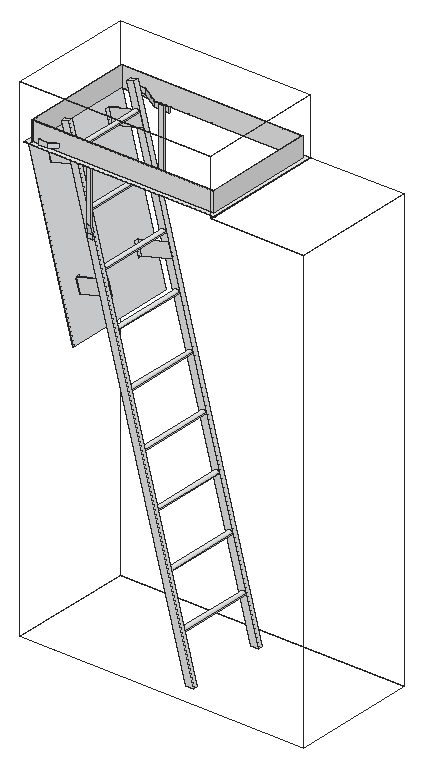
Revit family "Ladder_FoldDown_KattsafeUSA_Commercial", category Specialty Equipment, Revit 2026
Family settings
  Round Connector Dimension = Use Diameter
  Part Type = Normal
  Classification Number = 23.17.23.15
  Work Plane-Based = No
  Enable Cutting in Views = No
  Always vertical = Yes
  Cut with Voids When Loaded = Yes
  Maintain Annotation Orientation = No
  Shared = No
  Room Calculation Point = No
Parameters (values of type "RL62")
  Uniclass2015Version = "Products v1.35"
  Uniclass2015Title = "Access ladders"
  Uniclass2015Code = "Pr_25_30_85_02"
  URL = "https://kattsafe.com"
  Type IFC Predefined Type = "USERDEFINED"
  Type Comments = "Ladder - Commercial - Fold Down"
  SafetyDisclaimer [instance] = "WARNING! The correct placement of access, fall protection and facade maintenance systems is critical to ensure it is fit-for-purpose and safe for the operator to use. Did you know Kattsafe® have a dedicated team of Height Safety System Design Specialists? Kattsafe® provide one-on-one consultation and system design assistance to ensure you are meeting the stringent requirements of height safety and to give you PEACE OF MIND with your project."  # constant formula
  RungWidth [instance] = 1' - 8.66929"  # constant formula
  RungSpacing [instance] = 0' - 11.81102"  # constant formula
  RequiredSpace [instance] = yes
  ModifiedIssue = 20250703
  IfcExportType = "USERDEFINED"
  IfcExportAs = "IfcBuildingElementProxy"
  Export Type to IFC As = "IfcBuildingElementProxy"
  ElementType = "Ladder"
  LadderOpen [instance] = not(LadderClosed)  # yes
  Model = "RL62"
  Material = Aluminum_Kattsafe_Satin
  ManufacturerOverallWidth = 4' - 3"  # constant formula
  ManufacturerURLProductSpecific = "https://kattsafe.com/products/fixed-ladders/fold-down-ladder-rl60?variant=rl62"
  ManufacturerSpecCode = Model  # "RL62"
  ManufacturerOverallHeight [instance] = ActualFloorToCeilingHeight  # 9' - 10.11024"
  ManufacturerOverallDepth = 2' - 9 1/2"  # constant formula
  Manufacturer = "Kattsafe®"  # constant formula
  Keynote = ""
  Description = "The RL62 model is perfect for reaching heights between 7 and 10 ft. This small-but-mighty ladder installs easily and provides 1 ¼-inch serrated rungs that we’ve robotically welded to the stiles. Plus, it folds up into a compact 33 ½-inch by 51-inch opening, giving you additional floor space."
  Default Elevation = 0' - 0"
  CreatedBy = "IGS BIM Solutions"  # constant formula
  CreatedByURL = "https://igsgroup.com.au"
  LadderClosed [instance] = no
  CeilingThickness [instance] = 0' - 2.95276"
  LadderOffset [instance] = 0' 10.49213" + (ManufacturerOverallHeight / tan(75.00°))  # 3' - 6.13967"
  DesiredFloorToCeilingHeight [instance] = 9' - 10.11024"
  Assembly Code = "E1090100"
  ArrayCount [instance] = (ManufacturerOverallHeight - 0' 11.81102") / RungSpacing  # 9
  ActualFloorToCeilingHeight [instance] = if(DesiredFloorToCeilingHeight < 7' 0", 7' 0", if(DesiredFloorToCeilingHeight > 10' 0", 10' 0", DesiredFloorToCeilingHeight))  # 9' - 10.11024"
Reference planes (in)
  plane 1 "Back": y = -14.74606
  plane 2 "Ref. Level": z = 0
  plane 3 "Center (Left/Right)": x = -16.03543
  plane 4 "TopReference": z = 118.11024
  plane 5 "BottomReference": z = 0
  plane 6 "Front": y = -48.24606
  plane 7 "Center (Front/Back)": y = -31.49606
  plane 8 "Left": x = -41.53543
  plane 9 "Right": x = 9.46457
  plane 10 "Ladder Reference": x = 0.60424
  plane 11 "Ladder Offset 2": y = -21.16142
  plane 12 "Ladder Offset 1": y = -41.83071
  plane 13 "BottomRung": z = 11.81102
  plane 14 "Trade Reference": x = -3.52962
  plane 15 "Back Offset": y = -16.04528
  plane 16 "Front Offset": y = -46.94685
  plane 17 "Top of Ceiling": z = 121.06299
  plane 18 "Top of Frame": z = 123.34646
  plane 19 "ClearanceFoldingLadder": x = 34.44882
  plane 20 "ClearanceTop": z = 133.07087
  plane 21 "Center (Elevation)": z = 59.05512
  plane 22 "Top": z = 118.11024
Forms (in)
  Sweep 1, solid, material "Aluminum_Kattsafe_Satin" <- "Material"
    path origin (0, 0, 118.11024) x (-1, 0, 0) y (0, -1, 0)
      loop
        line (-8.28346, 15.92717) -> (40.35433, 15.92717) -> (40.35433, 45.76772) -> (-8.28346, 45.76772) -> (-8.28346, 15.92717)
    profile origin (-16.03543, -15.92717, 118.11024) x (0, -1, 0) y (0, 0, 1)
      loop
        line (-1.1811, 0) -> (-1.1811, -0.11811) -> (0.11811, -0.11811) -> (0.11811, 5.23622) -> (0, 5.23622) -> (0, 0) -> (-1.1811, 0)
  Extrusion 2, solid, material "Aluminum_Kattsafe_Satin" <- "Material", visible <- "LadderOpen"
    sketch origin (-62.21717, -41.83071, 157.48031) x (-1, 0, 0) y (0, 0, -1)
      loop
        line (-62.8214, 157.48031) -> (-31.17532, 39.37008) -> (-29.13738, 39.37008) -> (-60.78346, 157.48031) -> (-62.8214, 157.48031)
    from 0 to 1.1811
  Extrusion 3, solid, material "Aluminum_Kattsafe_Satin" <- "Material", visible <- "LadderOpen"
    sketch origin (-62.21717, -21.16142, 157.48031) x (-1, 0, 0) y (0, 0, 1)
      loop
        line (-62.8214, -157.48031) -> (-60.78346, -157.48031) -> (-29.13738, -39.37008) -> (-31.17532, -39.37008) -> (-62.8214, -157.48031)
    from 0 to 1.1811
  Extrusion 4, solid, material "Aluminum_Kattsafe_Satin" <- "Material", visible <- "LadderOpen"
    sketch origin (0.60424, -31.49606, 0) x (-0.258808, 0, 0.965929) y (-0.965929, 0, -0.258808)
      loop
        line (78.62348, 8.87709) -> (124.68647, 8.87709) -> (124.68647, 8.99516) -> (78.62348, 8.99516) -> (78.62348, 8.87709)
    from -15.45079 to 15.45079
  Extrusion 5, solid, material "Aluminum_Kattsafe_Satin" <- "Material", visible <- "LadderOpen", detail levels medium+fine
    sketch origin (0.60424, -31.49606, 0) x (-0.258808, 0, 0.965929) y (-0.965929, 0, -0.258808)
      loop
        line (92.403, 8.87709) -> (88.466, 8.87709) -> (88.466, 0) -> (92.403, 0) -> (92.403, 8.87709)
      loop
        line (122.27634, 8.87709) -> (118.33933, 8.87709) -> (118.33933, 0) -> (122.27634, 0) -> (122.27634, 8.87709)
    from 10.21654 to 10.33465
  Extrusion 6, solid, material "Aluminum_Kattsafe_Satin" <- "Material", visible <- "LadderOpen", detail levels medium+fine
    sketch origin (0.60424, -31.49606, 0) x (-0.258808, 0, 0.965929) y (-0.965929, 0, -0.258808)
      loop
        line (92.403, 8.87709) -> (88.466, 8.87709) -> (88.466, 0) -> (92.403, 0) -> (92.403, 8.87709)
      loop
        line (122.27634, 8.87709) -> (118.33933, 8.87709) -> (118.33933, 0) -> (122.27634, 0) -> (122.27634, 8.87709)
    from -10.33465 to -10.21654
  Extrusion 7, solid, material "Aluminum_Kattsafe_Satin" <- "Material", visible <- "LadderOpen", detail levels medium+fine
    sketch origin (0.60424, -31.49606, 0) x (-0.258808, 0, 0.965929) y (-0.965929, 0, -0.258808)
      loop
        line (88.466, 8.87709) -> (88.466, 8.75898) -> (92.403, 8.75898) -> (92.403, 8.87709) -> (88.466, 8.87709)
      loop
        line (118.33933, 8.87709) -> (118.33933, 8.75898) -> (122.27634, 8.75898) -> (122.27634, 8.87709) -> (118.33933, 8.87709)
    from 9.35039 to 10.33465
  Extrusion 8, solid, material "Aluminum_Kattsafe_Satin" <- "Material", visible <- "LadderOpen", detail levels medium+fine
    sketch origin (0.60424, -31.49606, 0) x (-0.258808, 0, 0.965929) y (-0.965929, 0, -0.258808)
      loop
        line (88.466, 8.87709) -> (88.466, 8.75898) -> (92.403, 8.75898) -> (92.403, 8.87709) -> (88.466, 8.87709)
      loop
        line (118.33933, 8.87709) -> (118.33933, 8.75898) -> (122.27634, 8.75898) -> (122.27634, 8.87709) -> (118.33933, 8.87709)
    from -10.33465 to -9.35039
  Extrusion 9, solid, material "Aluminum_Kattsafe_Satin" <- "Material", visible <- "LadderOpen", detail levels fine
    sketch origin (-41.53543, 0, 0) x (0, 1, 0) y (0, 0, 1)
      loop
        line (-43.12992, 98.4252) -> (-43.01181, 98.4252) -> (-43.01181, 99.6063) -> (-43.60236, 102.05515) -> (-43.60236, 120.07874) -> (-43.72047, 120.07874) -> (-43.72047, 102.0396) -> (-43.12992, 99.59075) -> (-43.12992, 98.4252)
      loop
        line (-19.8622, 98.4252) -> (-19.8622, 99.59075) -> (-19.27165, 102.0396) -> (-19.27165, 120.07874) -> (-19.38976, 120.07874) -> (-19.38976, 102.05515) -> (-19.98031, 99.6063) -> (-19.98031, 98.4252) -> (-19.8622, 98.4252)
    from 14.08008 to 15.37421
  Extrusion 10, solid, material "Aluminum_Kattsafe_Satin" <- "Material", visible <- "LadderOpen", detail levels fine
    sketch origin (0, 0, 118.11024) x (-1, 0, 0) y (0, -1, 0)
      loop
        line (37.59843, 46.94685) -> (35.24955, 46.94685) -> (30.03174, 43.83858) -> (26.16122, 43.83858) -> (26.16122, 43.72047) -> (30.06426, 43.72047) -> (35.28207, 46.82874) -> (37.59843, 46.82874) -> (37.59843, 46.94685)
      loop
        line (36.31102, 16.04528) -> (36.31102, 16.16339) -> (33.99467, 16.16339) -> (28.77685, 19.27165) -> (24.87382, 19.27165) -> (24.87382, 19.15354) -> (28.74434, 19.15354) -> (33.96215, 16.04528) -> (36.31102, 16.04528)
    from 0.66929 to 1.9685
  Extrusion 11, solid, material "Aluminum_Kattsafe_Satin" <- "Material", visible <- "LadderOpen"
    sketch origin (-62.21717, -41.83071, 157.48031) x (-1, 0, 0) y (0, 0, -1)
      loop
        line (-31.17532, 39.37008) -> (-29.48169, 33.04905) -> (-27.58025, 33.55851) -> (-29.13738, 39.37008) -> (-31.17532, 39.37008)
    from 0 to 1.1811
  Extrusion 12, solid, material "Aluminum_Kattsafe_Satin" <- "Material", visible <- "LadderOpen"
    sketch origin (-62.21717, -21.16142, 157.48031) x (-1, 0, 0) y (0, 0, 1)
      loop
        line (-31.17532, -39.37008) -> (-29.13738, -39.37008) -> (-27.58025, -33.55851) -> (-29.48169, -33.04905) -> (-31.17532, -39.37008)
    from 0 to 1.1811
  Extrusion 13, solid, material "Aluminum_Kattsafe_Satin" <- "Material", visible <- "LadderClosed", detail levels medium+fine
    sketch origin (0, 0, 118.11024) x (-1, 0, 0) y (0, -1, 0)
      loop
        line (40.23622, 16.04528) -> (40.23622, 46.94685) -> (-8.16535, 46.94685) -> (-8.16535, 16.04528) -> (40.23622, 16.04528)
    from -0.11811 to 0
  Extrusion 14, solid, material "Aluminum_Kattsafe_Satin" <- "Material", visible <- "LadderClosed"
    sketch origin (0, 0, 118.11024) x (-1, 0, 0) y (0, -1, 0)
      loop
        line (39.61649, 21.16142) -> (-7.5748, 21.16142) -> (-7.5748, 19.98031) -> (39.61649, 19.98031) -> (39.61649, 21.16142)
    from 11.61417 to 13.58268
  Extrusion 15, solid, material "Aluminum_Kattsafe_Satin" <- "Material", visible <- "LadderClosed"
    sketch origin (0, 0, 118.11024) x (-1, 0, 0) y (0, -1, 0)
      loop
        line (39.61649, 21.16142) -> (-7.5748, 21.16142) -> (-7.5748, 19.98031) -> (39.61649, 19.98031) -> (39.61649, 21.16142)
    from 9.25197 to 11.22047
  Extrusion 16, solid, material "Aluminum_Kattsafe_Satin" <- "Material", visible <- "LadderClosed"
    sketch origin (0, 0, 118.11024) x (-1, 0, 0) y (0, -1, 0)
      loop
        line (39.61649, 21.16142) -> (-7.5748, 21.16142) -> (-7.5748, 19.98031) -> (39.61649, 19.98031) -> (39.61649, 21.16142)
    from 6.88976 to 8.85827
  Extrusion 17, solid, material "Aluminum_Kattsafe_Satin" <- "Material", visible <- "LadderClosed"
    sketch origin (0, -62.99213, 118.11024) x (-1, 0, 0) y (0, -1, 0)
      loop
        line (39.61649, -21.16142) -> (39.61649, -19.98031) -> (-7.5748, -19.98031) -> (-7.5748, -21.16142) -> (39.61649, -21.16142)
    from 11.61417 to 13.58268
  Extrusion 18, solid, material "Aluminum_Kattsafe_Satin" <- "Material", visible <- "LadderClosed"
    sketch origin (0, -62.99213, 118.11024) x (-1, 0, 0) y (0, -1, 0)
      loop
        line (39.61649, -21.16142) -> (39.61649, -19.98031) -> (-7.5748, -19.98031) -> (-7.5748, -21.16142) -> (39.61649, -21.16142)
    from 9.25197 to 11.22047
  Extrusion 19, solid, material "Aluminum_Kattsafe_Satin" <- "Material", visible <- "LadderClosed"
    sketch origin (0, -62.99213, 118.11024) x (-1, 0, 0) y (0, -1, 0)
      loop
        line (39.61649, -21.16142) -> (39.61649, -19.98031) -> (-7.5748, -19.98031) -> (-7.5748, -21.16142) -> (39.61649, -21.16142)
    from 6.88976 to 8.85827
  Extrusion 20, solid, material "Aluminum_Kattsafe_Satin" <- "Material", visible <- "LadderClosed"
    sketch origin (0, -31.49606, 0) x (1, 0, 0) y (0, 0, 1)
      loop
        line (-16.03543, 126.5748) -> (-16.22724, 126.5748)
        arc (-16.22724, 126.5748) -> (-16.81779, 125.98425) -> (-16.22724, 125.3937) r 0.59055
        line (-16.22724, 125.3937) -> (-16.03543, 125.3937) -> (-16.03543, 126.5748)
      loop
        line (-27.84646, 126.5748) -> (-28.03826, 126.5748)
        arc (-28.03826, 126.5748) -> (-28.62882, 125.98425) -> (-28.03826, 125.3937) r 0.59055
        line (-28.03826, 125.3937) -> (-27.84646, 125.3937) -> (-27.84646, 126.5748)
      loop
        line (-16.03543, 128.93701) -> (-16.22724, 128.93701)
        arc (-16.22724, 128.93701) -> (-16.81779, 128.34646) -> (-16.22724, 127.75591) r 0.59055
        line (-16.22724, 127.75591) -> (-16.03543, 127.75591) -> (-16.03543, 128.93701)
      loop
        line (-27.84646, 128.93701) -> (-28.03826, 128.93701)
        arc (-28.03826, 128.93701) -> (-28.62882, 128.34646) -> (-28.03826, 127.75591) r 0.59055
        line (-28.03826, 127.75591) -> (-27.84646, 127.75591) -> (-27.84646, 128.93701)
      loop
        line (-16.03543, 131.29921) -> (-16.22724, 131.29921)
        arc (-16.22724, 131.29921) -> (-16.81779, 130.70866) -> (-16.22724, 130.11811) r 0.59055
        line (-16.22724, 130.11811) -> (-16.03543, 130.11811) -> (-16.03543, 131.29921)
      loop
        line (-27.84646, 131.29921) -> (-28.03826, 131.29921)
        arc (-28.03826, 131.29921) -> (-28.62882, 130.70866) -> (-28.03826, 130.11811) r 0.59055
        line (-28.03826, 130.11811) -> (-27.84646, 130.11811) -> (-27.84646, 131.29921)
      loop
        line (-5.51181, 126.5748) -> (-5.70362, 126.5748)
        arc (-5.70362, 126.5748) -> (-6.29417, 125.98425) -> (-5.70362, 125.3937) r 0.59055
        line (-5.70362, 125.3937) -> (-5.51181, 125.3937) -> (-5.51181, 126.5748)
      loop
        line (-5.51181, 128.93701) -> (-5.70362, 128.93701)
        arc (-5.70362, 128.93701) -> (-6.29417, 128.34646) -> (-5.70362, 127.75591) r 0.59055
        line (-5.70362, 127.75591) -> (-5.51181, 127.75591) -> (-5.51181, 128.93701)
      loop
        line (-5.51181, 131.29921) -> (-5.70362, 131.29921)
        arc (-5.70362, 131.29921) -> (-6.29417, 130.70866) -> (-5.70362, 130.11811) r 0.59055
        line (-5.70362, 130.11811) -> (-5.51181, 130.11811) -> (-5.51181, 131.29921)
    from -10.33465 to 10.33465
  Extrusion 21, solid, material "Aluminum_Kattsafe_Satin" <- "Material", visible <- "LadderClosed", detail levels medium+fine
    sketch origin (-41.53543, 0, 0) x (0, 1, 0) y (0, 0, 1)
      loop
        line (-21.16142, 126.9685) -> (-21.27953, 126.9685) -> (-21.27953, 118.22835) -> (-22.14567, 118.22835) -> (-22.14567, 118.11024) -> (-21.16142, 118.11024) -> (-21.16142, 126.9685)
      loop
        line (-41.83071, 126.9685) -> (-41.83071, 118.11024) -> (-40.84646, 118.11024) -> (-40.84646, 118.22835) -> (-41.7126, 118.22835) -> (-41.7126, 126.9685) -> (-41.83071, 126.9685)
    from 3.58268 to 7.51969
  Extrusion 22, solid, material "Aluminum_Kattsafe_Satin" <- "Material", visible <- "LadderClosed", detail levels medium+fine
    sketch origin (-41.53543, 0, 0) x (0, 1, 0) y (0, 0, 1)
      loop
        line (-21.16142, 126.9685) -> (-21.27953, 126.9685) -> (-21.27953, 118.22835) -> (-22.14567, 118.22835) -> (-22.14567, 118.11024) -> (-21.16142, 118.11024) -> (-21.16142, 126.9685)
      loop
        line (-41.83071, 126.9685) -> (-41.83071, 118.11024) -> (-40.84646, 118.11024) -> (-40.84646, 118.22835) -> (-41.7126, 118.22835) -> (-41.7126, 126.9685) -> (-41.83071, 126.9685)
    from 30.90405 to 34.84106
  Extrusion 23, solid, material "Aluminum_Kattsafe_Satin" <- "Material", visible <- "LadderClosed", detail levels fine
    sketch origin (-41.53543, 0, 0) x (0, 1, 0) y (0, 0, 1)
      loop
        line (-16.04528, 118.77953) -> (-16.04528, 121.09589) -> (-19.15354, 126.3137) -> (-19.15354, 130.21673) -> (-19.27165, 130.21673) -> (-19.27165, 126.3137) -> (-16.16339, 121.09589) -> (-16.16339, 118.77953) -> (-16.04528, 118.77953)
      loop
        line (-46.94685, 118.77953) -> (-46.82874, 118.77953) -> (-46.82874, 121.09589) -> (-45.05709, 126.3137) -> (-45.05709, 130.21673) -> (-45.1752, 130.21673) -> (-45.1752, 126.3137) -> (-46.94685, 121.09589) -> (-46.94685, 118.77953)
    from 3.93701 to 5.23622
  Extrusion 24, solid, material "Aluminum_Kattsafe_Satin" <- "Material", visible <- "LadderClosed", detail levels fine
    sketch origin (0, 0, 118.11024) x (-1, 0, 0) y (0, -1, 0)
      loop
        line (14.65748, 19.8622) -> (15.82303, 19.8622) -> (18.27189, 19.27165) -> (37.59843, 19.27165) -> (37.59843, 19.38976) -> (18.28743, 19.38976) -> (15.83858, 19.98031) -> (14.65748, 19.98031) -> (14.65748, 19.8622)
      loop
        line (14.65748, 43.12992) -> (14.65748, 43.01181) -> (15.83858, 43.01181) -> (18.28743, 43.60236) -> (37.59843, 43.60236) -> (37.59843, 43.72047) -> (18.27189, 43.72047) -> (15.82303, 43.12992) -> (14.65748, 43.12992)
    from 10.80728 to 12.10649
  Extrusion 25, solid, material "RequiredSpace_Kattsafe", visible <- "RequiredSpace"
    sketch origin (0, -31.49606, 0) x (1, 0, 0) y (0, 0, 1)
      loop
        line (-41.53543, 133.07087) -> (-41.53543, 0) -> (34.44882, 0) -> (34.44882, 118.11024) -> (9.46457, 118.11024) -> (9.46457, 133.07087) -> (-41.53543, 133.07087)
    from -16.75 to 16.75
  Extrusion 26, void
    sketch origin (0, -31.49606, 0) x (1, 0, 0) y (0, 0, 1)
      loop
        line (-40.35433, 123.34646) -> (-40.35433, 118.11024) -> (8.28346, 118.11024) -> (8.28346, 123.34646) -> (-40.35433, 123.34646)
    from -15.5689 to 14.27165
Cuts and joins
  joined: Extrusion 6, Extrusion 8
  joined: Extrusion 5, Extrusion 7
  joined: Extrusion 2, Extrusion 11
  joined: Extrusion 3, Extrusion 12
Lines and regions (in)
  Masking region 1, visible <- "LadderClosed"
    outline origin (0, 0, 118.11024) x (-1, 0, 0) y (0, -1, 0)
      loop
        line (-9.46457, 14.74606) -> (41.53543, 14.74606) -> (41.53543, 48.24606) -> (-9.46457, 48.24606) -> (-9.46457, 14.74606)
  Masking region 2, visible <- "LadderOpen"
    outline origin (0, 0, 118.11024) x (-1, 0, 0) y (0, -1, 0)
      loop
        line (41.53543, 14.74606) -> (41.53543, 48.24606) -> (-9.46457, 48.24606) -> (-9.46457, 14.74606) -> (41.53543, 14.74606)
      loop
        line (40.23622, 16.04528) -> (40.23622, 45.64961) -> (-8.16535, 45.64961) -> (-8.16535, 16.04528) -> (40.23622, 16.04528)
  Masking region 3, visible <- "LadderOpen"
    outline origin (0, 0, 118.11024) x (-1, 0, 0) y (0, -1, 0)
      loop
        line (34.63691, 19.98031) -> (34.63691, 21.16142) -> (-0.60424, 21.16142) -> (-0.60424, 19.98031) -> (34.63691, 19.98031)
      loop
        line (34.63691, 41.83071) -> (34.63691, 43.01181) -> (-0.60424, 43.01181) -> (-0.60424, 41.83071) -> (34.63691, 41.83071)
  Masking region 4, visible <- "LadderOpen"
    outline origin (0, 0, 59.05512) x (-1, 0, 0) y (0, -1, 0)
      loop
        line (40.23622, 16.04528) -> (40.23622, 45.64961) -> (28.31878, 45.64961) -> (28.31878, 16.04528) -> (40.23622, 16.04528)
  reference lines
    curve 1: line (0.60424, -31.49606, 0) -> (-31.04184, -31.49606, 118.11024)
  symbolic lines, visible <- "LadderClosed"
    curve 2: line (-40.23622, -16.04528, 118.11024) -> (8.16535, -16.04528, 118.11024)
    curve 3: line (8.16535, -16.04528, 118.11024) -> (8.16535, -46.94685, 118.11024)
    curve 4: line (8.16535, -46.94685, 118.11024) -> (-40.23622, -46.94685, 118.11024)
    curve 5: line (-40.23622, -46.94685, 118.11024) -> (-40.23622, -16.04528, 118.11024)
  symbolic lines
    curve 6: line (8.28346, -15.92717, 118.11024) -> (-40.35433, -15.92717, 118.11024)
    curve 7: line (-40.35433, -15.92717, 118.11024) -> (-40.35433, -45.76772, 118.11024)
    curve 8: line (8.28346, -45.76772, 118.11024) -> (8.28346, -15.92717, 118.11024)
    curve 9: line (-40.35433, -45.76772, 118.11024) -> (8.28346, -45.76772, 118.11024)
  symbolic lines, style "Required Space", visible <- "RequiredSpace"
    curve 10: line (-41.53543, -14.74606, 118.11024) -> (34.44882, -14.74606, 118.11024)
    curve 11: line (-41.53543, -48.24606, 118.11024) -> (-41.53543, -14.74606, 118.11024)
    curve 12: line (34.44882, -48.24606, 118.11024) -> (-41.53543, -48.24606, 118.11024)
    curve 13: line (34.44882, -14.74606, 118.11024) -> (34.44882, -48.24606, 118.11024)
  symbolic lines, style "Required Space", visible <- "RequiredSpace", detail levels medium+fine
    curve 14: line (-16.03543, -14.74606, 133.07087) -> (-16.03543, -48.24606, 133.07087)
    curve 15: line (-16.03543, -14.74606, 0) -> (-16.03543, -14.74606, 133.07087)
    curve 16: line (-16.03543, -48.24606, 0) -> (-16.03543, -14.74606, 0)
    curve 17: line (-16.03543, -48.24606, 133.07087) -> (-16.03543, -48.24606, 0)
    curve 18: line (-41.53543, -31.49606, 0) -> (-41.53543, -31.49606, 133.07087)
    curve 19: line (-41.53543, -31.49606, 133.07087) -> (9.46457, -31.49606, 133.07087)
    curve 20: line (9.46457, -31.49606, 133.07087) -> (9.46457, -31.49606, 118.11024)
    curve 21: line (9.46457, -31.49606, 118.11024) -> (34.44882, -31.49606, 118.11024)
    curve 22: line (34.44882, -31.49606, 118.11024) -> (34.44882, -31.49606, 0)
    curve 23: line (34.44882, -31.49606, 0) -> (-41.53543, -31.49606, 0)
  symbolic lines, built-in parameter 1006206 <- "LadderClosed", visible <- "LadderClosed", detail levels medium+fine
    curve 24: line (-39.61649, -19.98031, 118.11024) -> (7.5748, -19.98031, 118.11024)
    curve 25: line (-39.61649, -21.16142, 118.11024) -> (-39.61649, -19.98031, 118.11024)
    curve 26: line (7.5748, -21.16142, 118.11024) -> (-39.61649, -21.16142, 118.11024)
    curve 27: line (7.5748, -19.98031, 118.11024) -> (7.5748, -21.16142, 118.11024)
    curve 28: line (-39.61649, -41.83071, 118.11024) -> (7.5748, -41.83071, 118.11024)
    curve 29: line (-39.61649, -43.01181, 118.11024) -> (-39.61649, -41.83071, 118.11024)
    curve 30: line (7.5748, -43.01181, 118.11024) -> (-39.61649, -43.01181, 118.11024)
    curve 31: line (7.5748, -41.83071, 118.11024) -> (7.5748, -43.01181, 118.11024)
  symbolic lines, visible <- "LadderClosed", detail levels medium+fine
    curve 32: line (-29.13386, -21.16142, 118.11024) -> (-29.13386, -41.83071, 118.11024)
    curve 33: line (-29.92126, -21.16142, 118.11024) -> (-29.92126, -41.83071, 118.11024)
    curve 34: line (-16.03543, -21.16142, 118.11024) -> (-16.03543, -41.83071, 118.11024)
    curve 35: line (-16.82283, -21.16142, 118.11024) -> (-16.82283, -41.83071, 118.11024)
    curve 36: line (-5.51181, -21.16142, 118.11024) -> (-5.51181, -41.83071, 118.11024)
    curve 37: line (-6.29921, -21.16142, 118.11024) -> (-6.29921, -41.83071, 118.11024)
  symbolic lines, visible <- "LadderOpen", detail levels medium+fine
    curve 38: line (-32.73547, -21.16142, 118.11024) -> (-32.73547, -19.98031, 118.11024)
    curve 39: line (-32.73547, -43.01181, 118.11024) -> (-32.73547, -41.83071, 118.11024)
Text (in)
  text "Disclaimer:\nDue to ongoing product development and manufacturing \nevolution, product details are subject to change without \nnotice. Please refer to product technical data sheets on \nthe manufacturers website for the most current product \ninformation. Please allow a +/- 5mm manufacturing \ntolerance for dimensions and set-outs shown in product \nliterature." at (54.73189, -17.91428, 0), in view "Ref. Level_Instruction"
Dimensions and locks (in)
  "ManufacturerOverallWidth": plane 8 "Left" to plane 9 "Right"
  equal spacing: plane 6 "Front", plane 7 "Center (Front/Back)", plane 1 "Back"
  "ManufacturerOverallDepth": plane 6 "Front" to plane 1 "Back"
  equal spacing: plane 8 "Left", plane 3 "Center (Left/Right)", plane 9 "Right"
  "ManufacturerOverallHeight": plane 4 "TopReference" to plane 5 "BottomReference"
  equal spacing: plane 11 "Ladder Offset 2", plane 7 "Center (Front/Back)", plane 12 "Ladder Offset 1"
  "RungWidth": plane 11 "Ladder Offset 2" to plane 12 "Ladder Offset 1"
  "LadderOffset": plane 8 "Left" to plane 10 "Ladder Reference"
  locked: plane 13 "BottomRung" to plane 5 "BottomReference" at 11.81102
  equal spacing: group 2, group 9, group 8, group 7, group 6, group 5, group 4, group 3, group 1
  equal spacing: group 1, group 3, group 4, group 5, group 6, group 7, group 8, group 9, group 2  (x2)
  plane 11 "Ladder Offset 2" to Extrusion 6 to Extrusion 8 = 0' - 0.11811" locked, 0' - 0.86614" locked
  plane 12 "Ladder Offset 1" to Extrusion 5 to Extrusion 7 = 0' - 0.11811" locked, 0' - 0.86614" locked
  locked: plane 14 "Trade Reference" to plane 10 "Ladder Reference" at 4.13386
  locked: plane 15 "Back Offset" to plane 1 "Back" at 1.29921
  locked: plane 6 "Front" to plane 16 "Front Offset" at 1.29921
  locked: plane 18 "Top of Frame" to plane 17 "Top of Ceiling" at 2.28346
  "CeilingThickness": plane 17 "Top of Ceiling" to plane 4 "TopReference"
  locked: plane 8 "Left" to plane 19 "ClearanceFoldingLadder" at 75.98425
  locked: plane 20 "ClearanceTop" to plane 4 "TopReference" at 14.96063
  equal spacing: plane 4 "TopReference", plane 21 "Center (Elevation)", plane 5 "BottomReference"
  locked: curve 33 to curve 32 at 0.7874
  locked: curve 35 to curve 34 at 0.7874
  locked: curve 37 to curve 36 at 0.7874
  aligned and locked: level to plane 2 "Ref. Level"
  aligned and locked: plane 10 "Ladder Reference" to curve 1
  aligned and locked: plane 5 "BottomReference" to curve 1
  aligned and locked: plane 4 "TopReference" to curve 1
  aligned and locked: plane 13 "BottomRung" to nested 1
  aligned and locked: nested 1 to plane 14 "Trade Reference"
  aligned and locked: plane 4 "TopReference" to nested 2
  aligned and locked: plane 4 "TopReference" to Extrusion 4 sketch curve
  aligned and locked: plane 11 "Ladder Offset 2" to Extrusion 6
  aligned and locked: plane 12 "Ladder Offset 1" to Extrusion 5
  aligned and locked: plane 11 "Ladder Offset 2" to Extrusion 8
  aligned and locked: plane 12 "Ladder Offset 1" to Extrusion 7
  aligned and locked: Extrusion 10 sketch curve to Extrusion 9
  aligned and locked: plane 15 "Back Offset" to Extrusion 4
  aligned and locked: plane 16 "Front Offset" to Extrusion 4
  aligned and locked: plane 5 "BottomReference" to Extrusion 2 sketch curve
  aligned and locked: plane 10 "Ladder Reference" to Extrusion 2 sketch curve
  aligned and locked: plane 5 "BottomReference" to Extrusion 3 sketch curve
  aligned and locked: plane 10 "Ladder Reference" to Extrusion 3 sketch curve
  aligned and locked: plane 11 "Ladder Offset 2" to Extrusion 20
  aligned and locked: plane 12 "Ladder Offset 1" to Extrusion 20
  aligned and locked: Extrusion 25 to plane 1 "Back"
  aligned and locked: plane 6 "Front" to Extrusion 25
  aligned and locked: Sweep 1 sketch curve to plane 18 "Top of Frame"
  aligned and locked: Extrusion 26 sketch curve to Sweep 1  (x3)
  aligned and locked: Sweep 1 to Extrusion 26 sketch curve
  aligned and locked: Extrusion 26 to Sweep 1  (x2)
  aligned and locked: plane 19 "ClearanceFoldingLadder" to Extrusion 25
  aligned and locked: plane 5 "BottomReference" to Extrusion 25 sketch curve
  aligned and locked: plane 20 "ClearanceTop" to Extrusion 25
  aligned and locked: Extrusion 25 sketch curve to plane 4 "TopReference"
  aligned and locked: plane 9 "Right" to Extrusion 25 sketch curve
  aligned and locked: plane 1 "Back" to curve 10
  aligned and locked: curve 13 to plane 19 "ClearanceFoldingLadder"
  aligned and locked: curve 12 to plane 6 "Front"
  aligned and locked: plane 8 "Left" to curve 11
  aligned and locked: curve 17 to plane 6 "Front"
  aligned and locked: plane 1 "Back" to curve 15
  aligned and locked: curve 14 to plane 20 "ClearanceTop"
  aligned and locked: curve 16 to plane 5 "BottomReference"
  aligned and locked: curve 19 to plane 20 "ClearanceTop"
  aligned and locked: plane 9 "Right" to curve 20
  aligned and locked: curve 21 to plane 4 "TopReference"
  aligned and locked: plane 8 "Left" to curve 18
  aligned and locked: curve 22 to plane 19 "ClearanceFoldingLadder"
  aligned and locked: curve 23 to plane 5 "BottomReference"
  aligned and locked: plane 9 "Right" to Masking region 2 sketch curve
  aligned and locked: Masking region 2 sketch curve to plane 6 "Front"
  aligned and locked: plane 8 "Left" to Masking region 2 sketch curve
  aligned and locked: Sweep 1 to Masking region 2 sketch curve  (x2)
  aligned and locked: plane 1 "Back" to Masking region 2 sketch curve
  aligned and locked: Masking region 2 sketch curve to Sweep 1  (x2)
  aligned and locked: plane 10 "Ladder Reference" to Masking region 3 sketch curve  (x2)
  aligned and locked: plane 12 "Ladder Offset 1" to Masking region 3 sketch curve
  aligned and locked: Masking region 3 sketch curve to Extrusion 14
  aligned and locked: plane 11 "Ladder Offset 2" to Masking region 3 sketch curve
  aligned and locked: Masking region 3 sketch curve to Extrusion 17
  aligned and locked: Masking region 3 sketch curve to cut or joined group of Extrusion 3, Extrusion 12
  aligned and locked: Masking region 3 sketch curve to cut or joined group of Extrusion 2, Extrusion 11
  aligned and locked: Masking region 4 sketch curve to plane 15 "Back Offset"
  aligned and locked: Sweep 1 to Masking region 4 sketch curve  (x2)
  aligned and locked: Masking region 4 sketch curve to Extrusion 4
  aligned and locked: curve 27 to Extrusion 14
  aligned and locked: Extrusion 14 to curve 31
  aligned and locked: curve 30 to Extrusion 17
  aligned and locked: curve 29 to Extrusion 17
  aligned and locked: Extrusion 17 to curve 25
  aligned and locked: curve 24 to Extrusion 14
  aligned and locked: plane 12 "Ladder Offset 1" to curve 28
  aligned and locked: plane 11 "Ladder Offset 2" to curve 37
  aligned and locked: plane 11 "Ladder Offset 2" to curve 36
  aligned and locked: plane 12 "Ladder Offset 1" to curve 36
  aligned and locked: curve 36 to Extrusion 20
  aligned and locked: curve 34 to Extrusion 20
  aligned and locked: Sweep 1 sketch curve to curve 6
  aligned and locked: curve 9 to Sweep 1
  aligned and locked: curve 38 to cut or joined group of Extrusion 3, Extrusion 12
  aligned and locked: curve 39 to cut or joined group of Extrusion 2, Extrusion 11
  aligned and locked: plane 22 "Top" to plane 4 "TopReference"
Automatic sketch dimensions
  plane 8 "Left" to curve 1 = 0' - 10.49359"
  Extrusion 4 sketch curve to curve 1 = 0' - 8.87709"
  Extrusion 4 sketch curve to curve 1 = 3' - 7.65286"
  curve 1 to Extrusion 4 sketch curve = 0' - 2.41013"
  Extrusion 5 sketch curve to curve 1 = 0' - 0"  (x2)
  curve 1 to Extrusion 5 sketch curve = 0' - 0"
  curve 1 to Extrusion 5 sketch curve = 0' - 8.87709"
  Extrusion 5 sketch curve to Extrusion 5 sketch curve = 0' - 3.93701"  (x2)
  Extrusion 5 sketch curve to curve 1 = 0' - 8.87709"
  Extrusion 5 sketch curve to Extrusion 5 sketch curve = 2' - 1.93632"
  Extrusion 6 sketch curve to curve 1 = 0' - 0"  (x2)
  curve 1 to Extrusion 6 sketch curve = 0' - 0"
  curve 1 to Extrusion 6 sketch curve = 0' - 8.87709"
  Extrusion 6 sketch curve to Extrusion 6 sketch curve = 0' - 3.93701"  (x2)
  Extrusion 6 sketch curve to curve 1 = 0' - 8.87709"
  Extrusion 6 sketch curve to Extrusion 6 sketch curve = 2' - 1.93632"
  curve 1 to Extrusion 7 sketch curve = 0' - 0"
  curve 1 to Extrusion 7 sketch curve = 0' - 8.75898"
  curve 1 to Extrusion 7 sketch curve = 0' - 8.87709"
  Extrusion 7 sketch curve to Extrusion 7 sketch curve = 0' - 3.93701"  (x2)
  Extrusion 7 sketch curve to curve 1 = 0' - 8.87709"
  Extrusion 7 sketch curve to Extrusion 7 sketch curve = 2' - 1.93632"
  Extrusion 7 sketch curve to Extrusion 7 sketch curve = 0' - 0.11811"
  curve 1 to Extrusion 8 sketch curve = 0' - 0"
  curve 1 to Extrusion 8 sketch curve = 0' - 8.75898"
  curve 1 to Extrusion 8 sketch curve = 0' - 8.87709"
  Extrusion 8 sketch curve to Extrusion 8 sketch curve = 0' - 3.93701"  (x2)
  Extrusion 8 sketch curve to curve 1 = 0' - 8.87709"
  Extrusion 8 sketch curve to Extrusion 8 sketch curve = 2' - 1.93632"
  Extrusion 8 sketch curve to Extrusion 8 sketch curve = 0' - 0.11811"
  Sweep 1 sketch curve to plane 4 "TopReference" = 0' - 0"
  Sweep 1 sketch curve to profile plane = 0' - 0"
  Sweep 1 sketch curve to plane 4 "TopReference" = 0' - 0.11811"
  profile plane to Sweep 1 sketch curve = 0' - 1.1811"
  Sweep 1 sketch curve to profile plane = 0' - 0.11811"
  Extrusion 2 sketch curve to plane 4 "TopReference" = 0' - 0"
  Extrusion 2 sketch curve to plane 10 "Ladder Reference" = 0' - 2.03795"
  Extrusion 2 sketch curve to plane 8 "Left" = 0' - 10.49359"
  Extrusion 2 sketch curve to Extrusion 2 sketch curve = 0' - 2.03795"
  Extrusion 3 sketch curve to plane 4 "TopReference" = 0' - 0"
  Extrusion 3 sketch curve to Extrusion 3 sketch curve = 0' - 2.03795"  (x2)
  plane 8 "Left" to Extrusion 3 sketch curve = 0' - 10.49359"
  plane 12 "Ladder Offset 1" to Extrusion 9 sketch curve = 0' - 1.88976"
  Extrusion 9 sketch curve to Extrusion 9 sketch curve = 0' - 0.11811"  (x4)
  plane 12 "Ladder Offset 1" to Extrusion 9 sketch curve = 0' - 1.29921"
  plane 11 "Ladder Offset 2" to Extrusion 9 sketch curve = 0' - 1.1811"
  plane 11 "Ladder Offset 2" to Extrusion 9 sketch curve = 0' - 1.77165"
  Extrusion 9 sketch curve to plane 4 "TopReference" = 1' - 7.68504"
  Extrusion 9 sketch curve to Extrusion 9 sketch curve = 0' - 0"
  Extrusion 9 sketch curve to Extrusion 9 sketch curve = 0' - 1.16555"  (x2)
  Extrusion 9 sketch curve to Extrusion 9 sketch curve = 0' - 0.01555"  (x4)
  Extrusion 9 sketch curve to Extrusion 9 sketch curve = 0' - 2.44885"  (x2)
  plane 4 "TopReference" to Extrusion 9 sketch curve = 0' - 1.9685"  (x2)
  Extrusion 10 sketch curve to plane 15 "Back Offset" = 0' - 0"
  plane 16 "Front Offset" to Extrusion 10 sketch curve = 0' - 0"
  Extrusion 10 sketch curve to plane 15 "Back Offset" = 0' - 3.10827"
  Extrusion 10 sketch curve to plane 3 "Center (Left/Right)" = 0' - 8.83839"
  Extrusion 10 sketch curve to Extrusion 10 sketch curve = 0' - 3.87052"
  plane 11 "Ladder Offset 2" to Extrusion 10 sketch curve = 0' - 1.88976"
  Extrusion 10 sketch curve to Extrusion 10 sketch curve = 0' - 0.03251"  (x4)
  plane 12 "Ladder Offset 1" to Extrusion 10 sketch curve = 0' - 1.88976"
  Extrusion 10 sketch curve to Extrusion 10 sketch curve = 0' - 3.90303"
  Extrusion 10 sketch curve to plane 16 "Front Offset" = 0' - 3.10827"
  Extrusion 10 sketch curve to plane 16 "Front Offset" = 0' - 0.11811"
  Extrusion 10 sketch curve to Extrusion 10 sketch curve = 0' - 5.25033"
  Extrusion 10 sketch curve to Extrusion 10 sketch curve = 0' - 5.21781"
  Extrusion 10 sketch curve to plane 15 "Back Offset" = 0' - 0.11811"
  Extrusion 10 sketch curve to Extrusion 10 sketch curve = 0' - 2.31636"  (x2)
  Extrusion 11 sketch curve to plane 4 "TopReference" = 0' - 0"
  Extrusion 11 sketch curve to plane 8 "Left" = 0' - 10.49359"
  Extrusion 11 sketch curve to Extrusion 11 sketch curve = 0' - 1.69363"
  Extrusion 11 sketch curve to Extrusion 11 sketch curve = 0' - 2.03795"
  Extrusion 11 sketch curve to plane 4 "TopReference" = 0' - 5.81157"
  Extrusion 12 sketch curve to plane 4 "TopReference" = 0' - 0"
  plane 8 "Left" to Extrusion 12 sketch curve = 0' - 10.49359"
  Extrusion 12 sketch curve to Extrusion 12 sketch curve = 0' - 1.69363"
  Extrusion 12 sketch curve to Extrusion 12 sketch curve = 0' - 2.03795"
  plane 4 "TopReference" to Extrusion 12 sketch curve = 0' - 5.81157"
  Extrusion 13 sketch curve to plane 15 "Back Offset" = 0' - 0"
  plane 16 "Front Offset" to Extrusion 13 sketch curve = 0' - 0"
  plane 9 "Right" to Extrusion 13 sketch curve = 0' - 1.29921"
  plane 8 "Left" to Extrusion 13 sketch curve = 0' - 1.29921"
  Extrusion 14 sketch curve to plane 11 "Ladder Offset 2" = 0' - 0"
  plane 9 "Right" to Extrusion 14 sketch curve = 0' - 1.88976"
  plane 8 "Left" to Extrusion 14 sketch curve = 0' - 1.91895"
  Extrusion 14 sketch curve to Extrusion 14 sketch curve = 0' - 1.1811"
  Extrusion 15 sketch curve to plane 11 "Ladder Offset 2" = 0' - 0"
  plane 9 "Right" to Extrusion 15 sketch curve = 0' - 1.88976"
  plane 8 "Left" to Extrusion 15 sketch curve = 0' - 1.91895"
  Extrusion 15 sketch curve to Extrusion 15 sketch curve = 0' - 1.1811"
  Extrusion 16 sketch curve to plane 11 "Ladder Offset 2" = 0' - 0"
  plane 9 "Right" to Extrusion 16 sketch curve = 0' - 1.88976"
  plane 8 "Left" to Extrusion 16 sketch curve = 0' - 1.91895"
  Extrusion 16 sketch curve to Extrusion 16 sketch curve = 0' - 1.1811"
  plane 12 "Ladder Offset 1" to Extrusion 17 sketch curve = 0' - 0"
  Extrusion 17 sketch curve to plane 9 "Right" = 0' - 1.88976"
  Extrusion 17 sketch curve to plane 8 "Left" = 0' - 1.91895"
  Extrusion 17 sketch curve to Extrusion 17 sketch curve = 0' - 1.1811"
  plane 12 "Ladder Offset 1" to Extrusion 18 sketch curve = 0' - 0"
  Extrusion 18 sketch curve to plane 9 "Right" = 0' - 1.88976"
  Extrusion 18 sketch curve to plane 8 "Left" = 0' - 1.91895"
  Extrusion 18 sketch curve to Extrusion 18 sketch curve = 0' - 1.1811"
  plane 12 "Ladder Offset 1" to Extrusion 19 sketch curve = 0' - 0"
  Extrusion 19 sketch curve to plane 9 "Right" = 0' - 1.88976"
  Extrusion 19 sketch curve to plane 8 "Left" = 0' - 1.91895"
  Extrusion 19 sketch curve to Extrusion 19 sketch curve = 0' - 1.1811"
  Extrusion 21 sketch curve to plane 12 "Ladder Offset 1" = 0' - 0"
  Extrusion 21 sketch curve to plane 4 "TopReference" = 0' - 0"  (x2)
  Extrusion 21 sketch curve to plane 11 "Ladder Offset 2" = 0' - 0"
  Extrusion 21 sketch curve to plane 12 "Ladder Offset 1" = 0' - 0.11811"
  plane 4 "TopReference" to Extrusion 21 sketch curve = 0' - 0.11811"  (x2)
  Extrusion 21 sketch curve to Extrusion 21 sketch curve = 0' - 0.86614"
  Extrusion 21 sketch curve to plane 11 "Ladder Offset 2" = 0' - 0.98425"
  Extrusion 21 sketch curve to plane 11 "Ladder Offset 2" = 0' - 0.11811"
  Extrusion 21 sketch curve to Extrusion 21 sketch curve = 0' - 8.74016"  (x2)
  Extrusion 22 sketch curve to plane 12 "Ladder Offset 1" = 0' - 0"
  Extrusion 22 sketch curve to plane 4 "TopReference" = 0' - 0"  (x2)
  Extrusion 22 sketch curve to plane 11 "Ladder Offset 2" = 0' - 0"
  Extrusion 22 sketch curve to plane 12 "Ladder Offset 1" = 0' - 0.11811"
  plane 4 "TopReference" to Extrusion 22 sketch curve = 0' - 0.11811"  (x2)
  Extrusion 22 sketch curve to Extrusion 22 sketch curve = 0' - 0.86614"
  Extrusion 22 sketch curve to plane 11 "Ladder Offset 2" = 0' - 0.98425"
  Extrusion 22 sketch curve to plane 11 "Ladder Offset 2" = 0' - 0.11811"
  Extrusion 22 sketch curve to Extrusion 22 sketch curve = 0' - 8.74016"  (x2)
  Extrusion 23 sketch curve to plane 16 "Front Offset" = 0' - 0"
  Extrusion 23 sketch curve to plane 15 "Back Offset" = 0' - 0"
  Extrusion 23 sketch curve to Extrusion 23 sketch curve = 0' - 0.11811"  (x4)
  Extrusion 23 sketch curve to plane 16 "Front Offset" = 0' - 1.77165"
  plane 11 "Ladder Offset 2" to Extrusion 23 sketch curve = 0' - 1.88976"
  plane 4 "TopReference" to Extrusion 23 sketch curve = 0' - 0.66929"  (x2)
  Extrusion 23 sketch curve to Extrusion 23 sketch curve = 0' - 2.31636"  (x2)
  Extrusion 23 sketch curve to Extrusion 23 sketch curve = 0' - 0"  (x4)
  Extrusion 23 sketch curve to Extrusion 23 sketch curve = 0' - 5.21781"  (x2)
  Extrusion 23 sketch curve to Extrusion 23 sketch curve = 0' - 3.90303"  (x2)
  plane 3 "Center (Left/Right)" to Extrusion 24 sketch curve = 0' - 1.37795"  (x2)
  plane 3 "Center (Left/Right)" to Extrusion 24 sketch curve = 0' - 0.2124"  (x2)
  Extrusion 24 sketch curve to Extrusion 24 sketch curve = 0' - 0.01555"  (x4)
  Extrusion 24 sketch curve to plane 3 "Center (Left/Right)" = 0' - 2.23645"  (x2)
  plane 12 "Ladder Offset 1" to Extrusion 24 sketch curve = 0' - 1.77165"
  plane 8 "Left" to Extrusion 24 sketch curve = 0' - 3.93701"  (x2)
  plane 11 "Ladder Offset 2" to Extrusion 24 sketch curve = 0' - 1.88976"
  Extrusion 24 sketch curve to Extrusion 24 sketch curve = 0' - 0.11811"  (x4)
  plane 11 "Ladder Offset 2" to Extrusion 24 sketch curve = 0' - 1.29921"
  plane 12 "Ladder Offset 1" to Extrusion 24 sketch curve = 0' - 1.1811"
  Extrusion 25 sketch curve to plane 8 "Left" = 0' - 0"
  Extrusion 25 sketch curve to plane 19 "ClearanceFoldingLadder" = 0' - 0"
  plane 20 "ClearanceTop" to Extrusion 25 sketch curve = 0' - 0"
  Extrusion 20 sketch curve to plane 3 "Center (Left/Right)" = 0' - 0"  (x3)
  Extrusion 20 sketch curve to plane 3 "Center (Left/Right)" = 0' - 0.19181"  (x3)
  Extrusion 20 sketch curve to plane 20 "ClearanceTop" = 0' - 4.13386"  (x3)
  Extrusion 20 sketch curve to Extrusion 20 sketch curve = 0' - 11.61922"
  Extrusion 20 sketch curve to Extrusion 20 sketch curve = 0' - 0"  (x3)
  Extrusion 20 sketch curve to Extrusion 20 sketch curve = 0' - 0.19181"  (x6)
  plane 14 "Trade Reference" to Extrusion 20 sketch curve = 0' - 2.174"  (x2)
  Extrusion 20 sketch curve to Extrusion 20 sketch curve = 0' - 0.59055"  (x9)
  Extrusion 20 sketch curve to Extrusion 20 sketch curve = 0' - 1.1811"  (x6)
  plane 6 "Front" to Masking region 1 sketch curve = 0' - 0"
  Masking region 1 sketch curve to plane 9 "Right" = 0' - 0"
  Masking region 1 sketch curve to plane 8 "Left" = 0' - 0"
  plane 1 "Back" to Masking region 1 sketch curve = 0' - 0"
  plane 9 "Right" to Sweep 1 sketch curve = 0' - 1.1811"
  plane 8 "Left" to Sweep 1 sketch curve = 0' - 1.1811"
  Sweep 1 sketch curve to plane 16 "Front Offset" = 0' - 1.17913"
  plane 16 "Front Offset" to curve 3 = 0' - 0"
  curve 2 to plane 15 "Back Offset" = 0' - 0"
  plane 9 "Right" to curve 9 = 0' - 1.1811"
  curve 8 to curve 3 = 0' - 0.11811"
  plane 8 "Left" to curve 4 = 0' - 1.29921"
  plane 8 "Left" to curve 7 = 0' - 1.1811"
  plane 15 "Back Offset" to curve 6 = 0' - 0.11811"
  curve 9 to plane 16 "Front Offset" = 0' - 1.17913"
  curve 32 to curve 38 = 0' - 3.60161"
Nested families (in)
  nested 1: "z_Ladder_KattsafeUSA_Rung" at (-3.52962, -31.49606, 11.81102) x (0, 1, 0) z (0, 0, 1), Width <- "RungWidth", visible <- "LadderOpen", type "Type 1"
    with Width 1' - 8.66929", Depth 0' - 1.1811"
  nested 2: "z_Ladder_KattsafeUSA_Rung" at (-32.01111, -31.49606, 117.32283) x (0, 1, 0) z (0, 0, 1), Width <- "RungWidth", visible <- "LadderOpen", type "Type 1"
    with Width 1' - 8.66929", Depth 0' - 1.1811"
  nested 3: "z_Ladder_KattsafeUSA_Rung" at (-7.08981, -31.49606, 25) x (0, 1, 0) z (0, 0, 1), Width <- "RungWidth", visible <- "LadderOpen", type "Type 1"
    with Width 1' - 8.66929", Depth 0' - 1.1811"
  nested 4: "z_Ladder_KattsafeUSA_Rung" at (-10.64999, -31.49606, 38.18898) x (0, 1, 0) z (0, 0, 1), Width <- "RungWidth", visible <- "LadderOpen", type "Type 1"
    with Width 1' - 8.66929", Depth 0' - 1.1811"
  nested 5: "z_Ladder_KattsafeUSA_Rung" at (-14.21018, -31.49606, 51.37795) x (0, 1, 0) z (0, 0, 1), Width <- "RungWidth", visible <- "LadderOpen", type "Type 1"
    with Width 1' - 8.66929", Depth 0' - 1.1811"
  nested 6: "z_Ladder_KattsafeUSA_Rung" at (-17.77037, -31.49606, 64.56693) x (0, 1, 0) z (0, 0, 1), Width <- "RungWidth", visible <- "LadderOpen", type "Type 1"
    with Width 1' - 8.66929", Depth 0' - 1.1811"
  nested 7: "z_Ladder_KattsafeUSA_Rung" at (-21.33055, -31.49606, 77.75591) x (0, 1, 0) z (0, 0, 1), Width <- "RungWidth", visible <- "LadderOpen", type "Type 1"
    with Width 1' - 8.66929", Depth 0' - 1.1811"
  nested 8: "z_Ladder_KattsafeUSA_Rung" at (-24.89074, -31.49606, 90.94488) x (0, 1, 0) z (0, 0, 1), Width <- "RungWidth", visible <- "LadderOpen", type "Type 1"
    with Width 1' - 8.66929", Depth 0' - 1.1811"
  nested 9: "z_Ladder_KattsafeUSA_Rung" at (-28.45092, -31.49606, 104.13386) x (0, 1, 0) z (0, 0, 1), Width <- "RungWidth", visible <- "LadderOpen", type "Type 1"
    with Width 1' - 8.66929", Depth 0' - 1.1811"
Definition of nested family "z_Ladder_KattsafeUSA_Rung"
  Parameters (values of type "Type 1")
    Width [instance] = 1' - 0.28346"
    URL = "https://kattsafe.com.au/"
    Trade Finish = none
    Manufacturer = "Kattsafe®"
    Depth [instance] = 0' - 1.1811"
    Default Elevation = 0' - 0"
  Reference planes (in)
    plane 1 "Center (Front/Back)": y = 0
    plane 2: z = 0
    plane 3 "Center (Left/Right)": x = 0
    plane 4 "Back": y = 0.59055
    plane 5 "Right": x = 6.14173
    plane 6 "Left": x = -6.14173
    plane 7: y = -0.59055
    plane 8 "Top": z = 0.7874
  Forms (in)
    Extrusion 1, solid, material <- "Trade Finish"
      sketch origin (-6.14173, 0, 0) x (0, 1, 0) y (0, 0, 1)
        loop
          line (0.59055, 0) -> (0.59055, 0.19181)
          arc (0.59055, 0.19181) -> (0, 0.78236) -> (-0.59055, 0.19181) r 0.59055
          line (-0.59055, 0.19181) -> (-0.59055, 0) -> (0.59055, 0)
      from 0 to 12.28346
  Lines and regions (in)
    Masking region 1
      outline origin (0, 0, 0) x (1, 0, 0) y (0, 1, 0)
        loop
          line (-6.14173, 0.59055) -> (-6.14173, -0.59055) -> (6.14173, -0.59055) -> (6.14173, 0.59055) -> (-6.14173, 0.59055)
  Dimensions and locks (in)
    equal spacing: plane 6 "Left", plane 3 "Center (Left/Right)", plane 5 "Right"
    "Width": plane 6 "Left" to plane 5 "Right"
    equal spacing: plane 4 "Back", plane 1 "Center (Front/Back)", plane 7
    "Depth": plane 4 "Back" to plane 7
    plane 8 "Top" to plane 2 = 0' - 0.7874"
    aligned and locked: level to plane 2
    aligned and locked: plane 5 "Right" to Extrusion 1
    aligned and locked: Extrusion 1 to plane 6 "Left"
    aligned and locked: Masking region 1 sketch curve to plane 5 "Right"
    aligned and locked: plane 6 "Left" to Masking region 1 sketch curve
    aligned and locked: Masking region 1 sketch curve to plane 4 "Back"
    aligned and locked: Masking region 1 sketch curve to plane 7
  Automatic sketch dimensions
    Extrusion 1 sketch curve to level = 0' - 0"
    level to Extrusion 1 sketch curve = 0' - 0.19181"
    plane 7 to Extrusion 1 sketch curve = 0' - 0"
    plane 4 "Back" to Extrusion 1 sketch curve = 0' - 0"
